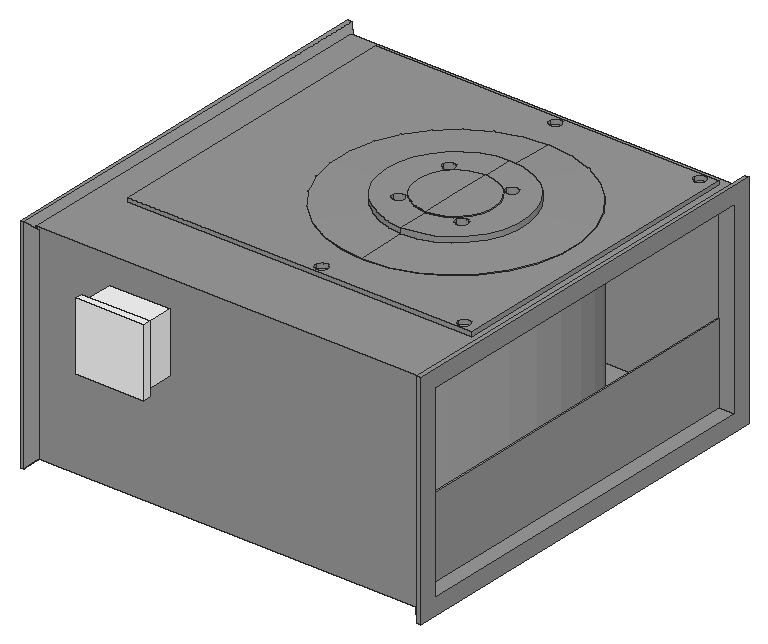
Revit family "RKB 500X250 A1 AC_7470002", category Mechanical Equipment, Revit 2014
Parameters (values of type "RKB 500X250 A1 AC")
  Wiring diagram = "4040001"
  Width = 532 mm
  Weight = 16.40 kg
  Voltage range = "220-240 V"
  Voltage = 230 V
  Speed = "1270 rpm"
  Sound pressure level at 3 m = "48 dB(A)"
  Power = 133 W
  Phase = 1
  Max. temperature of transported air when speed controlled = 70 °C
  Max. temperature of transported air = 70 °C
  Main Material = Steel, Galvanized
  Height = 294 mm
  Frequency = 50 Hz
  Elevation [instance] = 2600 mm
  Description = "UNINSULATED DUCT FANS WITH RECTANGULAR CONNECTIONS"
  Depth = 543 mm
  Current = 0.59 A
  Connector Height = 250 mm
  Connector Width = 500 mm
  Capacitor = "5 μF"
Reference planes
  plane 1 "Center (Front/Back)": y = 0
  plane 2: z = 0
  plane 3 "Center (Left/Right)": x = 0
  plane 4: x = -266
  plane 5: x = 266
  plane 6: y = 271.5
  plane 7: y = -271.5
  plane 8: z = 2600
  plane 9: z = 2894
Dimensions and locks
  equal spacing: plane 4, plane 3 "Center (Left/Right)", plane 5
  "Width": plane 4 to plane 5
  equal spacing: plane 6, plane 1 "Center (Front/Back)", plane 7
  "Depth": plane 6 to plane 7
  "Elevation": plane 8 to level
  "Height": plane 9 to plane 8
  aligned and locked: level to plane 2
  aligned and locked: nested 1 to plane 1 "Center (Front/Back)"
  aligned and locked: plane 1 "Center (Front/Back)" to nested 2
  aligned and locked: plane 3 "Center (Left/Right)" to nested 2
  aligned and locked: nested 2 to plane 8
  aligned and locked: plane 3 "Center (Left/Right)" to nested 1
Nested families
  nested 1: "Flow direction symbol" at (0, 0, 0), type "Flow direction symbol"
  nested 2: "RKB" at (0, 0, 2600), type "RKB"
Connectors
  hvac at (-266, 0, 2747), driven by "Connector Height", driven by "Connector Width"
    settings: on nested 2, index 1, duct flow 0.0 L/s, flow factor 0, pres drop 0.0 Pa, loss coef 0, conn angle 0.00°, conn width 500 mm, conn height 250 mm, conn diameter 609.6 mm, duct sys type 1, conn prof type 1, flow config 0, flow direction 1, loss method 0, conn ref index -1, conn util no, is conn primary yes, conn desc ""
  hvac at (266, 0, 2747), driven by "Connector Height", driven by "Connector Width"
    settings: on nested 2, index 2, duct flow 0.0 L/s, flow factor 0, pres drop 0.0 Pa, loss coef 0, conn angle 0.00°, conn width 500 mm, conn height 250 mm, conn diameter 609.6 mm, duct sys type 3, conn prof type 1, flow config 0, flow direction 2, loss method 0, conn ref index -1, conn util no, is conn primary no, conn desc ""
  electrical at (-107.218, -321.5, 2818.459), driven by "Phase", driven by "Voltage", driven by "Power"
    settings: on nested 2, index 3, voltage 230 V, apparent load 0 VA, apparent load phase1 133 VA, apparent load phase2 0 VA, apparent load phase3 0 VA, power factor 1, load classification "HVAC", number of poles 1, system type 31, power factor state 1, is connector primary yes, connector utility no, sub classification motor no, connector description ""
Definition of nested family "RKB"
  Parameters (values of type "RKB")
    Width = 532 mm
    Main Material = Steel, Galvanized
    Height = 294 mm
    Description = ""
    Depth = 543 mm
    Connector Width = 500 mm
    Connector Heigth = 250 mm
  Reference planes
    plane 1 "Center (Front/Back)": y = 0
    plane 2: z = 0
    plane 3 "Center (Left/Right)": x = 0
    plane 4: x = -266
    plane 5: x = 266
    plane 6: y = 271.5
    plane 7: y = -271.5
    plane 8: z = 294
    plane 9: z = 119
    plane 10: x = -107.218
    plane 11: z = 147
    plane 12: z = 272
    plane 13: z = 22
    plane 14: y = 250
    plane 15: y = -250
    plane 16: x = 59.705
    plane 17: y = 43.313
  Forms (mm)
    Sweep 1, solid, material "Steel, Galvanized" <- "Main Material", detail levels medium+fine
      path origin (-266, 864.407, 1200) x (0, 1, 0) y (0, 0, 1)
        loop
          line (-592.907, -1200) -> (-592.907, -906) -> (-1135.907, -906) -> (-1135.907, -1200) -> (-592.907, -1200)
      profile origin (-266, 271.5, 147) x (0, -1, 0) y (1, 0, 0)
        loop
          line (22.203, 21.231) -> (16.231, 21.231) -> (0, 5) -> (0, 0) -> (22.203, 0) -> (22.203, 21.231)
    Sweep 2, solid, material "Steel, Galvanized" <- "Main Material", detail levels medium+fine
      path origin (266, 864.407, 1200) x (0, 1, 0) y (0, 0, 1)
        loop
          line (-592.907, -1200) -> (-592.907, -906) -> (-1135.907, -906) -> (-1135.907, -1200) -> (-592.907, -1200)
      profile origin (266, 271.5, 147) x (0, -1, 0) y (1, 0, 0)
        loop
          line (22.203, -21.231) -> (22.203, 0) -> (0, 0) -> (0, -5) -> (16.231, -21.231) -> (22.203, -21.231)
    Sweep 3, solid, material "Steel, Galvanized" <- "Main Material", detail levels medium+fine
      path origin (0, 0, 0) x (1, 0, 0) y (0, 1, 0)
        loop
          line (-266, 0) -> (266, 0)
      profile origin (0, 0, 0) x (0, 1, 0) y (0, 0, 1)
        loop
          line (250, 272) -> (-250, 272) -> (-250, 22) -> (250, 22) -> (250, 272)
        loop
          line (-261, 286.827) -> (-261, 11) -> (261, 11) -> (261, 286.827) -> (-261, 286.827)
    Revolve 4, solid, material "Steel, Galvanized" <- "Main Material", detail levels medium+fine
      sketch origin (59.705, 28.533, 1213.989) x (0, -1, 0) y (0, 0, 1)
        loop
          line (-15.321, -1185.797) -> (-15.321, -911.741) -> (-64.781, -911.741) -> (-64.781, -912.761) -> (-105.679, -912.761) -> (-105.679, -919.989) -> (-170.321, -922.162) -> (-170.321, -1185.797) -> (-15.321, -1185.797)
        axis (-15.321, -911.741) -> (-15.321, -1185.797)
      angle from 0 to 360
    Sweep 5, void
      path origin (58.455, 35, 1200) x (-1, 0, 0) y (0, 0, 1)
        loop
          line (-1.25, -928.203) -> (-1.25, -878.203)
      profile origin (59.705, 35, 296.797) x (1, 0, 0) y (0, 1, 0)
        loop
          circle (41.921, 50.193) r 8
        loop
          circle (168.029, 204.186) r 8
        loop
          circle (-22.987, 203.453) r 8
        loop
          circle (167.323, -186.128) r 8
        loop
          circle (-22.387, -185.148) r 8
        loop
          circle (-41.921, 50.193) r 8
        loop
          circle (41.921, -33.566) r 8
        loop
          circle (-41.921, -33.566) r 8
    Sweep 6, solid, material "Steel, Galvanized" <- "Main Material", detail levels coarse
      path origin (0, 0, 0) x (1, 0, 0) y (0, 1, 0)
        loop
          line (-266, 0) -> (266, 0)
      profile origin (0, 0, 0) x (0, 1, 0) y (0, 0, 1)
        loop
          line (271.5, 294) -> (-271.5, 294) -> (-271.5, 0) -> (271.5, 0) -> (271.5, 294)
    Sweep 7, solid, material "Steel, Galvanized" <- "Main Material", detail levels medium+fine
      path origin (0, 0, 0) x (0, 1, 0) y (0, 0, 1)
        loop
          line (249.297, 22.203) -> (249.297, 127.203)
      profile origin (0, 249.297, 74.703) x (0, -1, 0) y (1, 0, 0)
        loop
          line (0, -244.769) -> (498.595, -244.769) -> (498.595, -241.769) -> (0, -241.769) -> (0, -244.769)
        loop
          line (0, 244.769) -> (0, 241.769) -> (498.595, 241.769) -> (498.595, 244.769) -> (0, 244.769)
    Sweep 8, solid, material "Plastic", detail levels medium+fine
      path origin (0, -16.231, 0) x (1, 0, 0) y (0, 1, 0)
        loop
          line (-107.218, -255.269) -> (-107.218, -295.269)
      profile origin (-107.218, -291.5, 0) x (1, 0, 0) y (0, 0, 1)
        loop
          line (-40, 178.459) -> (40, 178.459) -> (40, 258.459) -> (-40, 258.459) -> (-40, 178.459)
    Sweep 9, solid, material "Plastic", detail levels medium+fine
      path origin (0, -16.231, 0) x (1, 0, 0) y (0, 1, 0)
        loop
          line (-107.218, -295.269) -> (-107.218, -305.269)
      profile origin (-107.218, -316.5, 0) x (1, 0, 0) y (0, 0, 1)
        loop
          line (-45, 263.459) -> (-45, 173.459) -> (45, 173.459) -> (45, 263.459) -> (-45, 263.459)
    Extrusion 10, solid, material "Steel, Galvanized" <- "Main Material"
      sketch origin (0, 0, 0) x (0, 1, 0) y (0, 0, 1)
        loop
          line (249.297, 286.827) -> (249.297, 291.827) -> (-161.059, 291.827) -> (-161.059, 286.827) -> (249.297, 286.827)
      from -211.058 to 244.769
  Cuts and joins
    joined: Sweep 1, Sweep 2, Sweep 3
    Sweep 5 cuts Extrusion 10
    Sweep 5 cuts Revolve 4
  Dimensions and locks
    equal spacing: plane 4, plane 3 "Center (Left/Right)", plane 5
    "Width": plane 4 to plane 5
    equal spacing: plane 6, plane 1 "Center (Front/Back)", plane 7
    "Depth": plane 6 to plane 7
    "Height": plane 8 to level
    Sweep 5 sketch curve to plane 8 to Sweep 5 sketch curve = 27.797 mm locked, 22.203 mm locked
    locked: Sweep 7 sketch curve to plane 2 at 22.203
    Sweep 7 sketch curve to Sweep 7 sketch curve = 105 mm
    locked: plane 6 to Sweep 7 sketch curve at 22.203  (x2)
    locked: plane 4 to Sweep 7 sketch curve at 21.231
    locked: Sweep 7 sketch curve to Sweep 7 sketch curve at 3  (x2)
    locked: Sweep 7 sketch curve to plane 7 at 22.203  (x2)
    locked: Sweep 7 sketch curve to plane 6 at 22.203
    locked: Sweep 7 sketch curve to plane 5 at 21.231
    Sweep 8 sketch curve to plane 7 to Sweep 8 sketch curve = 0 mm, 40 mm
    plane 7 to Sweep 9 sketch curve to Sweep 9 sketch curve = 40 mm, 10 mm locked
    equal spacing: plane 8, plane 11, plane 2
    "Connector Heigth": plane 12 to plane 13
    equal spacing: plane 12, plane 11, plane 13
    "Connector Width": plane 14 to plane 15
    equal spacing: plane 14, plane 1 "Center (Front/Back)", plane 15
    Sweep 3 sketch curve to Sweep 3 sketch curve = 522 mm
    aligned and locked: level to plane 2
    aligned and locked: Sweep 1 sketch curve to plane 6
    aligned and locked: plane 7 to Sweep 1 sketch curve
    aligned and locked: plane 2 to Sweep 1 sketch curve
    aligned and locked: Sweep 1 sketch curve to plane 8
    aligned and locked: Sweep 2 sketch curve to plane 8
    aligned and locked: plane 2 to Sweep 2 sketch curve
    aligned and locked: plane 7 to Sweep 2 sketch curve
    aligned and locked: Sweep 2 sketch curve to plane 6
    aligned and locked: plane 1 "Center (Front/Back)" to Sweep 3 sketch curve
    aligned and locked: plane 1 "Center (Front/Back)" to Sweep 6 sketch curve
    aligned and locked: plane 2 to Sweep 6 sketch curve
    aligned and locked: plane 7 to Sweep 6 sketch curve
    aligned and locked: Sweep 6 sketch curve to plane 6
    aligned and locked: Sweep 6 sketch curve to plane 8
    aligned and locked: plane 10 to Sweep 8 sketch curve
    aligned and locked: plane 13 to Sweep 3 sketch curve
    aligned and locked: plane 15 to Sweep 3 sketch curve
    aligned and locked: Sweep 3 sketch curve to plane 12
    aligned and locked: Sweep 3 sketch curve to plane 14
    aligned and locked: Extrusion 10 to cut or joined group of Sweep 1, Sweep 2, Sweep 3
    aligned and locked: Extrusion 10 sketch curve to cut or joined group of Sweep 1, Sweep 2, Sweep 3
    aligned and locked: plane 8 to Revolve 4 sketch curve
    aligned and locked: cut or joined group of Sweep 5, Extrusion 10 to Revolve 4 sketch curve
  Automatic sketch dimensions
    Sweep 1 sketch curve to profile plane = 0 mm
    Sweep 1 sketch curve to plane 4 = 0 mm
    Sweep 1 sketch curve to profile plane = 16.231 mm
    Sweep 1 sketch curve to Sweep 1 sketch curve = 5.972 mm
    plane 4 to Sweep 1 sketch curve = 5 mm
    plane 4 to Sweep 1 sketch curve = 21.231 mm
    Sweep 2 sketch curve to profile plane = 0 mm
    Sweep 2 sketch curve to plane 5 = 0 mm
    Sweep 2 sketch curve to profile plane = 16.231 mm
    Sweep 2 sketch curve to Sweep 2 sketch curve = 5.972 mm
    Sweep 2 sketch curve to Sweep 2 sketch curve = 5 mm
    Sweep 2 sketch curve to Sweep 2 sketch curve = 21.231 mm
    Sweep 3 sketch curve to plane 4 = 0 mm
    Sweep 3 sketch curve to plane 5 = 0 mm
    Sweep 6 sketch curve to plane 4 = 0 mm
    Sweep 6 sketch curve to plane 5 = 0 mm
    profile plane to Sweep 8 sketch curve = 40 mm
    Sweep 8 sketch curve to profile plane = 40 mm
    level to Sweep 8 sketch curve = 178.459 mm
    Sweep 8 sketch curve to Sweep 8 sketch curve = 80 mm
    profile plane to Sweep 9 sketch curve = 45 mm
    Sweep 9 sketch curve to profile plane = 45 mm
    level to Sweep 9 sketch curve = 173.459 mm
    Sweep 9 sketch curve to Sweep 9 sketch curve = 90 mm
    level to Sweep 3 sketch curve = 11 mm
    Sweep 3 sketch curve to Sweep 3 sketch curve = 14.827 mm
    plane 3 "Center (Left/Right)" to Sweep 5 sketch curve = 59.705 mm
    Sweep 3 sketch curve to Sweep 3 sketch curve = 11 mm
    Sweep 9 sketch curve to plane 10 = 0 mm
    profile plane to Sweep 5 sketch curve = 41.921 mm  (x2)
    profile plane to Sweep 5 sketch curve = 22.987 mm
    profile plane to Sweep 5 sketch curve = 22.387 mm
    Sweep 5 sketch curve to profile plane = 41.921 mm  (x2)
    Sweep 5 sketch curve to profile plane = 168.029 mm
    Sweep 5 sketch curve to profile plane = 167.323 mm
    Sweep 5 sketch curve to profile plane = 185.148 mm
    Sweep 5 sketch curve to profile plane = 186.128 mm
    Sweep 5 sketch curve to profile plane = 33.566 mm  (x2)
    profile plane to Sweep 5 sketch curve = 50.193 mm  (x2)
    Sweep 5 sketch curve to Sweep 5 sketch curve = 153.992 mm
    Sweep 5 sketch curve to Sweep 5 sketch curve = 153.26 mm
    Extrusion 10 sketch curve to plane 14 = 0.703 mm
    plane 15 to Extrusion 10 sketch curve = 88.941 mm
    Extrusion 10 sketch curve to Extrusion 10 sketch curve = 5 mm
    Revolve 4 sketch curve to plane 14 = 51.146 mm
    plane 8 to Revolve 4 sketch curve = 7.228 mm
    Revolve 4 sketch curve to Revolve 4 sketch curve = 64.642 mm
    plane 8 to Revolve 4 sketch curve = 8.248 mm
    Revolve 4 sketch curve to Revolve 4 sketch curve = 40.898 mm
    Revolve 4 sketch curve to plane 17 = 0.54 mm  (x2)
    plane 13 to Revolve 4 sketch curve = 6.192 mm
    Revolve 4 sketch curve to Revolve 4 sketch curve = 0 mm
    Revolve 4 sketch curve to Revolve 4 sketch curve = 10.511 mm
    radius of Sweep 5 sketch curve = 8 mm  (x8)
Definition of nested family "Flow direction symbol"
  Parameters (values of type "Flow direction symbol")
    Warning = "!"
    Text = "DIMENSIONS OVERCONSTRAINT"
  Reference planes
    plane 1: y = 0
    plane 2: x = 0
  Lines and regions (mm)
    detail lines
      curve 1: line (-0.506, 0.877, 0) -> (-0.506, -0.877, 0)
      curve 2: line (1.012, 0, 0) -> (-0.506, -0.877, 0)
      curve 3: line (-0.506, 0.877, 0) -> (1.012, 0, 0)
      curve 4: circle (0, 0, 0) r 1 normal (0, 0, 1)
